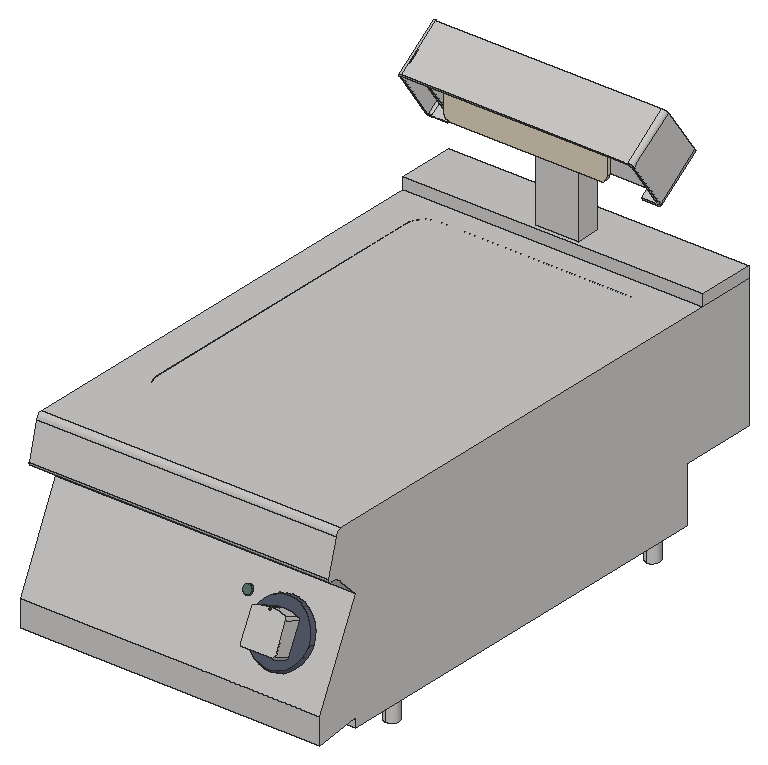
Revit family "QF_ZANUSSI_372086_Z7CSPDC000", category Specialty Equipment, Revit 2018
Family settings
  Round Connector Dimension = Use Diameter
  Part Type = Normal
  Work Plane-Based = No
  Always vertical = Yes
  Cut with Voids When Loaded = No
  Shared = No
  Room Calculation Point = No
Parameters
  Width = 400 mm  # constant formula
  Weight in Pounds = 44  # constant formula
  Weight = 0.00 kg
  Watts = 1000 W  # constant formula
  Volts = 230 V  # constant formula
  URL Manufacturer = "http://www.zanussiprofessional.com"
  URL Cutsheet = "www.electrolux.com"
  URL = "http://www.zanussiprofessional.com"
  Type Mark [instance] = ""
  Steam Supply Size = 0"
  Steam Supply Minimum Pressure = 0.00 psi
  Steam Supply Maximum Pressure = 0.00 psi
  Steam Pounds per Hour = 0
  Status [instance] = ""
  Specification by User [instance] = ""
  Specification by Manufacturer = ""
  Show Logo [instance] = yes
  Show Clearance [instance] = yes
  Serial Number = ""
  Seismic Rating = ""
  SMACNA No = ""
  Revision Code [instance] = ""
  Refrigeration Suction Line Size = 0"
  Refrigeration Liquid Line Size = 0"
  Refrigerant Compressor Remote = yes
  Phase = 1
  Omniclass Number and Title = ""
  Number of Poles [instance] = 1
  NAFEM Spec ID Number = ""
  Model = "Z7CSPDC000"
  Min Ckt Ampacity = 0 A
  Max Overcurrent Protection = 0 A
  Masterspec = ""
  Manufacturer = "Zanussi"
  Length Actual = 400 mm  # constant formula
  Item Number [instance] = "372086"
  Installed By [instance] = ""
  Identify Quantity as Lot [instance] = yes
  Hot Water Size = 0"
  Height Actual = 250 mm  # constant formula
  Height = 290 mm  # constant formula
  HP = "1.3 HP"
  Gas Size = 0"
  Gas KW = 0
  Gas Input Pressure = 0.0 Btu/h
  Furnished By [instance] = ""
  Foodservice Equipment Identifier [instance] = yes
  FL Amps = if(Phase = 3, Watts / (Volts * 1.73), Watts / Volts)  # 4.34783 A
  Electrical Remarks [instance] = "230 V/1N ph/50/60 Hz"  # constant formula
  Electric Connection Type [instance] = ""
  Elec Conn RI Height [instance] = 0 mm
  Elec Conn Connection Height [instance] = 0 mm
  Direct Waste Size = 0"
  Description = "ELECTRIC CHIP SCUTTLE 400 MM"
  Depth Actual = 700 mm  # constant formula
  Depth = 715 mm  # constant formula
  Cycle [instance] = if([60 Hertz Option], 60 Hz, 50 Hz)  # 60 Hz
  Conn Plug = ""
  Conn Conduit = yes
  Condensate Return Size = 0"
  Compressed Air Volume = 0 GPM
  Compressed Air Size = 0"
  Compressed Air Pressure = 0.00 psi
  Cold Water Size = 0"
  CSI MasterFormat = ""
  CSI Master Format = ""
  Base Height = 25 mm
  Assembly Code = ""
  Apparent Power = if(Phase = 3, Volts * FL Amps * 1.73, Volts * FL Amps)  # 1000 VA
  Accessory = yes
  60 Hertz Option [instance] = not([50 Hertz Option])  # yes
  50 Hertz Option [instance] = no
Reference planes
  plane 1 "BACK": y = 0
  plane 2: z = 0
  plane 3 "LEFT": x = 0
  plane 4 "RIGHT": x = 400
  plane 5 "FRONT": y = -715
  plane 6 "TOP": z = 275
  plane 7 "Center Y": x = 200
  plane 8 "Center X": y = -357.5
  plane 9: z = 25
  plane 10: z = 290
  plane 11: z = 497
Forms (mm)
  Extrusion 1, solid, material "QF_Finishes_Stainless Steel"
    sketch origin (0, 0, 0) x (0, 1, 0) y (0, 0, 1)
      loop
        line (0, 99) -> (0, 275) -> (-679.358, 275)
        arc (-679.358, 275) -> (-684.643, 272.811) -> (-686.833, 267.526) r 7.474
        line (-686.833, 267.526) -> (-699.884, 222.011)
        arc (-699.884, 222.011) -> (-699.396, 219.379) -> (-697, 218.184) r 3
        line (-697, 218.184) -> (-686.802, 218.184) -> (-654.982, 186.364) -> (-715, 65.508) -> (-715, 30.508) -> (-658.645, 38.428)
        arc (-658.645, 38.428) -> (-656.101, 37.674) -> (-655, 35.259) r 3.2
        line (-655, 35.259) -> (-655, 25) -> (-103, 25) -> (-103, 99) -> (0, 99)
    from 0 to 400
  Extrusion 2, solid, material "QF_Finishes_Stainless Steel"
    sketch origin (0, 0, 0) x (1, 0, 0) y (0, 1, 0)
      loop
        circle (11.112, -146) r 9.525
      loop
        circle (388.888, -146) r 9.525
      loop
        circle (11.112, -580.75) r 9.525
      loop
        circle (388.888, -580.75) r 9.525
    from 0 to 23.812
  Extrusion 3, solid, material "QF_Finishes_Stainless Steel"
    sketch origin (0, 0, 0) x (0, 1, 0) y (0, 0, 1)
      loop
        line (0, 275) -> (0, 290) -> (-76.2, 290) -> (-76.2, 275) -> (0, 275)
    from 0 to 400
  Extrusion 4, solid, material "QF_Finishes_Stainless Steel"
    sketch origin (0, -103.188, 25) x (0, 0, 1) y (1, 0, 0)
      loop
        circle (37, 200) r 3.175
    from 0 to 1.6
  Extrusion 5, solid, material "QF_Finishes_Clearance", visible <- "Show Clearance", detail levels coarse
    sketch origin (0, 0, 0) x (1, 0, 0) y (0, 1, 0)
      loop
        line (0, -715) -> (0, 0) -> (400, 0) -> (400, -715) -> (550, -715) -> (550, 150) -> (-150, 150) -> (-150, -715) -> (0, -715)
    from 0 to 290
  Extrusion 6, solid, material "QF_Finishes_Stainless Steel"
    sketch origin (0, 0, 0) x (0, 1, 0) y (0, 0, 1)
      loop
        line (-38.1, 290) -> (-38.1, 420) -> (-69.19, 398.23) -> (-69.19, 290) -> (-38.1, 290)
    from 171.287 to 228.713
  Extrusion 7, solid, material "QF_Finishes_Stainless Steel"
    sketch origin (0, 207.687, -131.446) x (1, 0, 0) y (0, -0.573576, 0.819152)
      loop
        line (49.422, 592.696) -> (70, 592.696) -> (70, 595.896) -> (49.422, 595.896)
        arc (49.422, 595.896) -> (47.442, 596.716) -> (46.622, 598.696) r 2.8
        line (46.622, 598.696) -> (46.622, 675.455)
        arc (46.622, 675.455) -> (47.442, 677.435) -> (49.422, 678.255) r 2.8
        line (49.422, 678.255) -> (350.922, 678.255)
        arc (350.922, 678.255) -> (352.902, 677.435) -> (353.722, 675.455) r 2.8
        line (353.722, 675.455) -> (353.722, 598.696)
        arc (353.722, 598.696) -> (352.902, 596.716) -> (350.922, 595.896) r 2.8
        line (350.922, 595.896) -> (330, 595.896) -> (330, 592.696) -> (350.922, 592.696)
        arc (350.922, 592.696) -> (355.165, 594.453) -> (356.922, 598.696) r 6
        line (356.922, 598.696) -> (356.922, 675.455)
        arc (356.922, 675.455) -> (355.165, 679.698) -> (350.922, 681.455) r 6
        line (350.922, 681.455) -> (49.422, 681.455)
        arc (49.422, 681.455) -> (45.18, 679.698) -> (43.422, 675.455) r 6
        line (43.422, 675.455) -> (43.422, 598.696)
        arc (43.422, 598.696) -> (45.18, 594.453) -> (49.422, 592.696) r 6
    from -122.733 to -52.733
  Extrusion 8, solid, material "QF_Finishes_Stainless Steel"
    sketch origin (0, 207.687, -131.446) x (1, 0, 0) y (0, -0.573576, 0.819152)
      loop
        arc (353.722, 675.455) -> (352.902, 677.435) -> (350.922, 678.255) r 2.8
        line (350.922, 678.255) -> (49.422, 678.255)
        arc (49.422, 678.255) -> (47.442, 677.435) -> (46.622, 675.455) r 2.8
        line (46.622, 675.455) -> (46.622, 598.696)
        arc (46.622, 598.696) -> (47.442, 596.716) -> (49.422, 595.896) r 2.8
        line (49.422, 595.896) -> (350.922, 595.896)
        arc (350.922, 595.896) -> (352.902, 596.716) -> (353.722, 598.696) r 2.8
        line (353.722, 598.696) -> (353.722, 675.455)
    from -122.733 to -86.366
  Extrusion 9, solid, material "QF_Finishes_Stainless Steel"
    sketch origin (0, 207.687, -131.446) x (0, 0.819152, 0.573576) y (0, -0.573576, 0.819152)
      loop
        line (64.196, 600.535) -> (67.021, 599.033) -> (85.562, 633.903) -> (82.975, 635.853) -> (64.196, 600.535)
      loop
        line (69.646, 647.915) -> (72.471, 646.413) -> (86.232, 672.294) -> (83.645, 674.243) -> (69.646, 647.915)
    from 61.746 to 338.254
  Extrusion 10, solid, material "QF_Finishes_Stainless Steel"
    sketch origin (0, 207.687, -131.446) x (1, 0, 0) y (0, -0.573576, 0.819152)
      loop
        line (59.871, 678.255) -> (56.696, 678.255) -> (56.696, 595.896) -> (59.871, 595.896) -> (59.871, 678.255)
      loop
        line (340.129, 678.255) -> (340.129, 595.896) -> (343.304, 595.896) -> (343.304, 678.255) -> (340.129, 678.255)
    from -86.366 to -65.849
  Extrusion 11, solid, material "QF_Finishes_Almond"
    sketch origin (0, -118.332, -209.985) x (1, 0, 0) y (0, 0, 1)
      loop
        line (90.908, 678.255) -> (90.908, 629.664)
        arc (90.908, 629.664) -> (93.837, 622.593) -> (100.908, 619.664) r 10
        line (100.908, 619.664) -> (299.092, 619.664)
        arc (299.092, 619.664) -> (306.163, 622.593) -> (309.092, 629.664) r 10
        line (309.092, 629.664) -> (309.092, 678.255) -> (90.908, 678.255)
    from 0 to 3.2
  Extrusion 12, void
    sketch origin (0, 0, 0) x (1, 0, 0) y (0, 1, 0)
      loop
        line (328.172, -106.2) -> (72.172, -106.2)
        arc (72.172, -106.2) -> (54.495, -113.522) -> (47.172, -131.2) r 25
        line (47.172, -131.2) -> (47.172, -545.95)
        arc (47.172, -545.95) -> (54.495, -563.628) -> (72.172, -570.95) r 25
        line (72.172, -570.95) -> (328.172, -570.95)
        arc (328.172, -570.95) -> (345.85, -563.628) -> (353.172, -545.95) r 25
        line (353.172, -545.95) -> (353.172, -131.2)
        arc (353.172, -131.2) -> (345.85, -113.522) -> (328.172, -106.2) r 25
    from 174.637 to 274.637
  Extrusion 13, solid, material "QF_Finishes_Stainless Steel"
    sketch origin (0, 0, 0) x (1, 0, 0) y (0, 1, 0)
      loop
        line (72.172, -570.95) -> (328.172, -570.95)
        arc (328.172, -570.95) -> (345.85, -563.628) -> (353.172, -545.95) r 25
        line (353.172, -545.95) -> (353.172, -131.2)
        arc (353.172, -131.2) -> (345.85, -113.522) -> (328.172, -106.2) r 25
        line (328.172, -106.2) -> (72.172, -106.2)
        arc (72.172, -106.2) -> (54.495, -113.522) -> (47.172, -131.2) r 25
        line (47.172, -131.2) -> (47.172, -545.95)
        arc (47.172, -545.95) -> (54.495, -563.628) -> (72.172, -570.95) r 25
      loop
        arc (328.172, -567.75) -> (343.587, -561.365) -> (349.972, -545.95) r 21.8
        line (349.972, -545.95) -> (349.972, -131.2)
        arc (349.972, -131.2) -> (343.587, -115.785) -> (328.172, -109.4) r 21.8
        line (328.172, -109.4) -> (72.172, -109.4)
        arc (72.172, -109.4) -> (56.757, -115.785) -> (50.372, -131.2) r 21.8
        line (50.372, -131.2) -> (50.372, -545.95)
        arc (50.372, -545.95) -> (56.757, -561.365) -> (72.172, -567.75) r 21.8
        line (72.172, -567.75) -> (328.172, -567.75)
    from 174.637 to 264.637
  Extrusion 14, solid, material "QF_Finishes_Stainless Steel"
    sketch origin (0, 0, 0) x (0, 1, 0) y (0, 0, 1)
      loop
        line (-73.082, 483.512) -> (-67.28, 475.226) -> (-65.422, 477.084) -> (-73.082, 483.512)
      loop
        line (-57.188, 460.812) -> (-51.386, 452.526) -> (-49.527, 454.385) -> (-57.188, 460.812)
    from 90.908 to 152.58
  Extrusion 15, solid, material "QF_Finishes_Stainless Steel"
    sketch origin (78.256, 0, 0) x (0, 1, 0) y (0, 0, 1)
      loop
        line (-73.082, 483.512) -> (-67.28, 475.226) -> (-65.422, 477.084) -> (-73.082, 483.512)
      loop
        line (-57.188, 460.812) -> (-51.386, 452.526) -> (-49.527, 454.385) -> (-57.188, 460.812)
    from 90.908 to 152.58
  Extrusion 16, solid, material "QF_Finishes_Stainless Steel"
    sketch origin (156.512, 0, 0) x (0, 1, 0) y (0, 0, 1)
      loop
        line (-73.082, 483.512) -> (-67.28, 475.226) -> (-65.422, 477.084) -> (-73.082, 483.512)
      loop
        line (-57.188, 460.812) -> (-51.386, 452.526) -> (-49.527, 454.385) -> (-57.188, 460.812)
    from 90.908 to 152.58
  Blend 17, solid, material "QF_Finishes_Navy Blue"
    base sketch origin (325, -684.991, 125.936) x (1, 0, 0) y (0, 0.444781, 0.895639)
      loop
        circle (0, 0) r 42.5
    top sketch origin (325, -684.991, 125.936) x (1, 0, 0) y (0, 0.444781, 0.895639)
      loop
        circle (0, 0) r 40.5
    from 0 to 5
  Extrusion 18, solid, material "QF_Finishes_Stainless Steel"
    sketch origin (325, -684.991, 125.936) x (1, 0, 0) y (0, 0.444781, 0.895639)
      loop
        arc (-21.147, 22.789) -> (-22.494, 21.685) -> (-23, 20.019) r 2.997
        line (-23, 20.019) -> (-23, -20.019)
        arc (-23, -20.019) -> (-22.122, -22.138) -> (-20.003, -23.016) r 2.997
        line (-20.003, -23.016) -> (20.003, -23.016)
        arc (20.003, -23.016) -> (22.122, -22.138) -> (23, -20.019) r 2.997
        line (23, -20.019) -> (23, 20.019)
        arc (23, 20.019) -> (22.494, 21.685) -> (21.147, 22.789) r 2.997
        arc (21.147, 22.789) -> (0, 26.984) -> (-21.147, 22.789) r 55.4
    from 10 to 34
  Extrusion 19, solid, material "QF_Plastic-Black-Matte"
    sketch origin (405, -684.991, 125.936) x (0, 0.444781, 0.895639) y (0, -0.895639, 0.444781)
      loop
        line (26.984, 34) -> (26.984, 19) -> (27.984, 19) -> (27.984, 34)
        arc (27.984, 34) -> (27.691, 34.707) -> (26.984, 35) r 1
        line (26.984, 35) -> (23.984, 35) -> (23.984, 34) -> (26.984, 34)
    from -81 to -79
  Extrusion 20, solid, material "QF_Finishes_Stainless Steel"
    sketch origin (325, -684.991, 125.936) x (1, 0, 0) y (0, 0.444781, 0.895639)
      loop
        line (17.5, 17.5) -> (-17.5, 17.5) -> (-17.5, -17.5) -> (17.5, -17.5) -> (17.5, 17.5)
    from 5 to 10
  Extrusion 21, solid, material "QF_Finishes_DarkGreen"
    sketch origin (325, -671.648, 152.805) x (1, 0, 0) y (0, 0.444781, 0.895639)
      loop
        circle (-55.001, 0) r 6
    from 0 to 1.6
Cuts and joins
  Extrusion 12 cuts Extrusion 1
  Extrusion 12 cuts Extrusion 2
  Extrusion 12 cuts Extrusion 5
  joined: Extrusion 7, Extrusion 8
Lines and regions (mm)
  Split face 1
    outline origin (324.664, -689.244, 128.614) x (1, 0, 0) y (0, 0.444781, 0.895639)
      loop
        circle (-34, 0) r 1.5
  Split face 2
    outline origin (332.566, -689.848, 127.397) x (1, 0, 0) y (0, 0.444781, 0.895639)
      loop
        circle (-7.566, -33.148) r 1.5
  Split face 3
    outline origin (328.5, -682.712, 141.767) x (1, 0, 0) y (0, 0.444781, 0.895639)
      loop
        circle (30.633, -14.752) r 1.5
  Split face 4
    outline origin (325, -689.469, 128.16) x (1, 0, 0) y (0, 0.444781, 0.895639)
      loop
        circle (0, 33.561) r 1.5
  symbolic lines
    curve 1: line (0, 0, 0) -> (0, -715, 0)
    curve 2: line (400, 0, 0) -> (0, 0, 0)
    curve 3: line (400, -715, 0) -> (400, 0, 0)
    curve 4: line (0, -76.2, 0) -> (43.422, -76.2, 0)
    curve 8: line (47.172, -139.733, 0) -> (47.172, -545.95, 0)
    curve 9: arc (47.172, -545.95, 0) -> (54.495, -563.628, 0) -> (72.172, -570.95, 0) r 25
    curve 10: line (72.172, -570.95, 0) -> (328.172, -570.95, 0)
    curve 11: arc (328.172, -570.95, 0) -> (345.85, -563.628, 0) -> (353.172, -545.95, 0) r 25
    curve 12: line (353.172, -545.95, 0) -> (353.172, -139.733, 0)
    curve 13: line (350.922, -139.984, 0) -> (49.422, -139.984, 0)
    curve 14: line (356.922, -136.542, 0) -> (356.922, -35.174, 0)
    curve 15: spline (356.922, -136.542, 0) -> (356.871, -136.991, 0) -> (356.718, -137.433, 0) -> (356.466, -137.859, 0) -> (356.118, -138.263, 0) -> (355.682, -138.637, 0) -> (355.165, -138.976, 0) -> (354.575, -139.273, 0) -> (353.922, -139.523, 0) -> (353.218, -139.722, 0) -> (352.475, -139.866, 0) -> (351.705, -139.954, 0) -> (350.922, -139.984, 0)
    curve 16: spline (49.422, -139.984, 0) -> (48.639, -139.954, 0) -> (47.869, -139.866, 0) -> (47.126, -139.722, 0) -> (46.422, -139.523, 0) -> (45.77, -139.273, 0) -> (45.18, -138.976, 0) -> (44.662, -138.637, 0) -> (44.226, -138.263, 0) -> (43.879, -137.859, 0) -> (43.627, -137.433, 0) -> (43.474, -136.991, 0) -> (43.422, -136.542, 0)
    curve 17: line (43.422, -35.174, 0) -> (43.422, -136.542, 0)
    curve 18: line (70, -31.733, 0) -> (49.422, -31.733, 0)
    curve 19: spline (49.422, -31.733, 0) -> (48.639, -31.762, 0) -> (47.869, -31.85, 0) -> (47.126, -31.995, 0) -> (46.422, -32.194, 0) -> (45.77, -32.444, 0) -> (45.18, -32.741, 0) -> (44.662, -33.079, 0) -> (44.226, -33.453, 0) -> (43.879, -33.857, 0) -> (43.627, -34.283, 0) -> (43.474, -34.725, 0) -> (43.422, -35.174, 0)
    curve 20: line (330, -33.568, 0) -> (70, -33.568, 0)
    curve 21: line (70, -33.568, 0) -> (70, -31.733, 0)
    curve 22: line (330, -31.733, 0) -> (330, -33.568, 0)
    curve 23: line (350.922, -31.733, 0) -> (330, -31.733, 0)
    curve 24: spline (356.922, -35.174, 0) -> (356.871, -34.725, 0) -> (356.718, -34.283, 0) -> (356.466, -33.857, 0) -> (356.118, -33.453, 0) -> (355.682, -33.079, 0) -> (355.165, -32.741, 0) -> (354.575, -32.444, 0) -> (353.922, -32.194, 0) -> (353.218, -31.995, 0) -> (352.475, -31.85, 0) -> (351.705, -31.762, 0) -> (350.922, -31.733, 0)
    curve 25: spline (43.422, -79.202, 0) -> (43.474, -79.651, 0) -> (43.627, -80.092, 0) -> (43.879, -80.519, 0) -> (44.226, -80.922, 0) -> (44.662, -81.297, 0) -> (45.18, -81.635, 0) -> (45.77, -81.932, 0) -> (46.422, -82.182, 0) -> (47.126, -82.381, 0) -> (47.869, -82.526, 0) -> (48.639, -82.614, 0) -> (49.422, -82.643, 0)
    curve 26: line (49.422, -82.643, 0) -> (350.922, -82.643, 0)
    curve 27: spline (350.922, -82.643, 0) -> (351.705, -82.614, 0) -> (352.475, -82.526, 0) -> (353.218, -82.381, 0) -> (353.922, -82.182, 0) -> (354.575, -81.932, 0) -> (355.165, -81.635, 0) -> (355.682, -81.297, 0) -> (356.118, -80.922, 0) -> (356.466, -80.519, 0) -> (356.718, -80.092, 0) -> (356.871, -79.651, 0) -> (356.922, -79.202, 0)
    curve 28: line (309.092, -49.527, 0) -> (247.42, -49.527, 0)
    curve 29: line (247.42, -57.188, 0) -> (309.092, -57.188, 0)
    curve 30: line (309.092, -73.082, 0) -> (309.092, -65.422, 0)
    curve 31: line (247.42, -49.527, 0) -> (247.42, -57.188, 0)
    curve 32: line (230.836, -73.082, 0) -> (230.836, -65.422, 0)
    curve 33: line (169.164, -49.527, 0) -> (169.164, -57.188, 0)
    curve 34: line (230.836, -49.527, 0) -> (169.164, -49.527, 0)
    curve 35: line (169.164, -57.188, 0) -> (230.836, -57.188, 0)
    curve 36: line (230.836, -65.422, 0) -> (169.164, -65.422, 0)
    curve 37: line (169.164, -73.082, 0) -> (230.836, -73.082, 0)
    curve 38: line (90.908, -73.082, 0) -> (152.58, -73.082, 0)
    curve 39: line (152.58, -65.422, 0) -> (90.908, -65.422, 0)
    curve 40: line (90.908, -57.188, 0) -> (152.58, -57.188, 0)
    curve 41: line (152.58, -49.527, 0) -> (90.908, -49.527, 0)
    curve 42: line (90.908, -49.527, 0) -> (90.908, -57.188, 0)
    curve 43: line (152.58, -73.082, 0) -> (152.58, -65.422, 0)
    curve 44: line (90.908, -65.422, 0) -> (90.908, -73.082, 0)
    curve 45: line (169.164, -65.422, 0) -> (169.164, -73.082, 0)
    curve 46: line (230.836, -57.188, 0) -> (230.836, -49.527, 0)
    curve 47: line (247.42, -65.422, 0) -> (247.42, -73.082, 0)
    curve 48: line (309.092, -57.188, 0) -> (309.092, -49.527, 0)
    curve 49: line (309.092, -65.422, 0) -> (247.42, -65.422, 0)
    curve 50: line (247.42, -73.082, 0) -> (309.092, -73.082, 0)
    curve 51: line (152.58, -57.188, 0) -> (152.58, -49.527, 0)
    curve 52: line (356.922, -76.2, 0) -> (400, -76.2, 0)
    curve 53: line (56.672, -139.733, 0) -> (56.672, -545.95, 0)
    curve 54: arc (56.672, -545.95, 0) -> (61.212, -556.91, 0) -> (72.172, -561.45, 0) r 15.5
    curve 55: line (72.172, -561.45, 0) -> (328.172, -561.45, 0)
    curve 56: arc (328.172, -561.45, 0) -> (339.132, -556.91, 0) -> (343.672, -545.95, 0) r 15.5
    curve 57: line (343.672, -545.95, 0) -> (343.672, -139.733, 0)
    curve 58: line (328.172, -561.45, 0) -> (328.172, -570.95, 0)
    curve 59: line (343.672, -545.95, 0) -> (353.172, -545.95, 0)
    curve 60: line (72.172, -561.45, 0) -> (72.172, -570.95, 0)
    curve 61: line (56.672, -545.95, 0) -> (47.172, -545.95, 0)
    curve 62: line (0, -700, 0) -> (400.05, -700, 0)
    curve 63: line (302, -700, 0) -> (302, -724.347, 0)
    curve 64: arc (302, -724.347, 0) -> (302.146, -724.811, 0) -> (302.532, -725.107, 0) r 0.809
    curve 65: arc (302.532, -725.107, 0) -> (303.72, -725.587, 0) -> (304.997, -725.68, 0) r 4.127
    curve 66: arc (302, -704.292, 0) -> (296.959, -702.458, 0) -> (292.191, -700, 0) r 42.24
    curve 67: arc (302, -706.539, 0) -> (302.502, -705.818, 0) -> (303.299, -705.448, 0) r 1.682
    curve 68: arc (303.299, -705.448, 0) -> (313.602, -703.95, 0) -> (324, -703.441, 0) r 109.079
    curve 69: line (324, -700, 0) -> (324, -705.671, 0)
    curve 70: line (324, -705.671, 0) -> (326, -705.671, 0)
    curve 71: line (326, -705.671, 0) -> (326, -700, 0)
    curve 72: line (348, -700, 0) -> (348, -724.347, 0)
    curve 73: arc (348, -724.347, 0) -> (347.854, -724.811, 0) -> (347.468, -725.107, 0) r 0.809
    curve 74: arc (347.468, -725.107, 0) -> (346.28, -725.587, 0) -> (345.003, -725.68, 0) r 4.127
    curve 75: arc (348, -704.292, 0) -> (353.041, -702.458, 0) -> (357.809, -700, 0) r 42.24
    curve 76: arc (348, -706.539, 0) -> (347.498, -705.818, 0) -> (346.701, -705.448, 0) r 1.682
    curve 77: arc (346.701, -705.448, 0) -> (336.398, -703.95, 0) -> (326, -703.441, 0) r 109.079
    curve 78: line (304.997, -725.68, 0) -> (345.003, -725.68, 0)
    curve 79: line (348, -715, 0) -> (400.05, -715, 0)
    curve 80: line (0, -715, 0) -> (302, -715, 0)
  symbolic lines, style "QF-Clearances", visible <- "Show Clearance", detail levels coarse
    curve 5: line (550, -715, 0) -> (550, 150, 0)
    curve 6: line (550, 150, 0) -> (-150, 150, 0)
    curve 7: line (-150, 150, 0) -> (-150, -715, 0)
Dimensions and locks
  equal spacing: plane 3 "LEFT", plane 7 "Center Y", plane 4 "RIGHT"
  "Width": plane 3 "LEFT" to plane 4 "RIGHT"
  equal spacing: plane 5 "FRONT", plane 8 "Center X", plane 1 "BACK"
  "Depth": plane 5 "FRONT" to plane 1 "BACK"
  "Height": plane 10 to level
  "Base Height": plane 9 to level
  plane 11 to level = 497 mm
  plane 6 "TOP" to plane 9 to level = 250 mm, 25 mm
  cut or joined group of Extrusion 1, Extrusion 12 to plane 9 = 74 mm
  aligned and locked: level to plane 2
  aligned and locked: plane 4 "RIGHT" to Extrusion 1
  aligned and locked: plane 4 "RIGHT" to Extrusion 3
Automatic sketch dimensions
  Extrusion 3 sketch curve to plane 6 "TOP" = 0 mm
  Extrusion 3 sketch curve to plane 10 = 0 mm
  Extrusion 3 sketch curve to plane 1 "BACK" = 0 mm
  Extrusion 6 sketch curve to plane 10 = 0 mm
  Extrusion 6 sketch curve to Extrusion 6 sketch curve = 31.09 mm
  Extrusion 6 sketch curve to plane 11 = 98.77 mm
  Extrusion 6 sketch curve to Extrusion 6 sketch curve = 21.77 mm
  Extrusion 9 sketch curve to plane 11 = 99.695 mm
  Extrusion 9 sketch curve to Extrusion 9 sketch curve = 2.825 mm  (x2)
  Extrusion 9 sketch curve to Extrusion 9 sketch curve = 5.45 mm
  Extrusion 9 sketch curve to Extrusion 9 sketch curve = 10.503 mm
  Extrusion 9 sketch curve to Extrusion 9 sketch curve = 13.999 mm
  Extrusion 9 sketch curve to Extrusion 9 sketch curve = 2.587 mm  (x2)
  Extrusion 9 sketch curve to Extrusion 9 sketch curve = 1.502 mm  (x2)
  Extrusion 9 sketch curve to Extrusion 9 sketch curve = 10.56 mm
  Extrusion 11 sketch curve to Extrusion 11 sketch curve = 10 mm  (x2)
  Extrusion 11 sketch curve to plane 11 = 87.321 mm
  Extrusion 11 sketch curve to plane 11 = 28.73 mm
  Extrusion 14 sketch curve to plane 11 = 13.488 mm
  Extrusion 14 sketch curve to Extrusion 14 sketch curve = 5.802 mm  (x2)
  Extrusion 14 sketch curve to plane 11 = 19.916 mm
  Extrusion 14 sketch curve to Extrusion 14 sketch curve = 1.858 mm  (x4)
  Extrusion 14 sketch curve to Extrusion 14 sketch curve = 10.092 mm
  Extrusion 14 sketch curve to Extrusion 14 sketch curve = 14.414 mm
  Extrusion 14 sketch curve to Extrusion 14 sketch curve = 6.428 mm
  Extrusion 15 sketch curve to plane 11 = 13.488 mm
  Extrusion 15 sketch curve to Extrusion 15 sketch curve = 5.802 mm  (x2)
  Extrusion 15 sketch curve to plane 11 = 19.916 mm
  Extrusion 15 sketch curve to Extrusion 15 sketch curve = 1.858 mm  (x4)
  Extrusion 15 sketch curve to Extrusion 15 sketch curve = 10.092 mm
  Extrusion 15 sketch curve to Extrusion 15 sketch curve = 14.414 mm
  Extrusion 15 sketch curve to Extrusion 15 sketch curve = 6.428 mm
  Extrusion 16 sketch curve to plane 11 = 13.488 mm
  Extrusion 16 sketch curve to Extrusion 16 sketch curve = 5.802 mm  (x2)
  Extrusion 16 sketch curve to plane 11 = 19.916 mm
  Extrusion 16 sketch curve to Extrusion 16 sketch curve = 1.858 mm  (x4)
  Extrusion 16 sketch curve to Extrusion 16 sketch curve = 10.092 mm
  Extrusion 16 sketch curve to Extrusion 16 sketch curve = 14.414 mm
  Extrusion 16 sketch curve to Extrusion 16 sketch curve = 6.428 mm
  Extrusion 11 sketch curve to plane 7 "Center Y" = 99.092 mm
  plane 7 "Center Y" to Extrusion 11 sketch curve = 99.092 mm
  plane 1 "BACK" to Extrusion 3 sketch curve = 76.2 mm
  plane 1 "BACK" to Extrusion 6 sketch curve = 69.19 mm
  plane 1 "BACK" to Extrusion 9 sketch curve = 84.18 mm
  plane 1 "BACK" to Extrusion 14 sketch curve = 73.082 mm
  plane 1 "BACK" to Extrusion 15 sketch curve = 73.082 mm
  plane 1 "BACK" to Extrusion 16 sketch curve = 73.082 mm
  Extrusion 2 sketch curve to Extrusion 2 sketch curve = 0 mm  (x8)
  plane 3 "LEFT" to Extrusion 2 sketch curve = 11.112 mm  (x2)
  Extrusion 2 sketch curve to plane 4 "RIGHT" = 11.112 mm  (x2)
  Extrusion 2 sketch curve to plane 5 "FRONT" = 124.725 mm  (x2)
  Extrusion 2 sketch curve to Extrusion 2 sketch curve = 9.525 mm  (x4)
  plane 1 "BACK" to Extrusion 2 sketch curve = 155.525 mm  (x2)
  plane 5 "FRONT" to Extrusion 5 sketch curve = 0 mm  (x2)
  Extrusion 5 sketch curve to plane 3 "LEFT" = 0 mm
  Extrusion 5 sketch curve to plane 4 "RIGHT" = 0 mm
  plane 1 "BACK" to Extrusion 5 sketch curve = 0 mm
  Extrusion 5 sketch curve to plane 3 "LEFT" = 150 mm
  plane 4 "RIGHT" to Extrusion 5 sketch curve = 150 mm
  Extrusion 5 sketch curve to plane 1 "BACK" = 150 mm
  Extrusion 7 sketch curve to Extrusion 7 sketch curve = 0 mm  (x9)
  plane 3 "LEFT" to Extrusion 7 sketch curve = 43.422 mm
  Extrusion 7 sketch curve to Extrusion 7 sketch curve = 3.2 mm
  Extrusion 7 sketch curve to Extrusion 7 sketch curve = 2.8 mm  (x3)
  Extrusion 7 sketch curve to Extrusion 7 sketch curve = 20.578 mm
  Extrusion 7 sketch curve to plane 4 "RIGHT" = 70 mm
  Extrusion 7 sketch curve to Extrusion 7 sketch curve = 20.922 mm
  Extrusion 7 sketch curve to plane 4 "RIGHT" = 49.078 mm
  Extrusion 7 sketch curve to Extrusion 7 sketch curve = 76.76 mm
  plane 3 "LEFT" to Extrusion 8 sketch curve = 46.622 mm
  Extrusion 8 sketch curve to Extrusion 8 sketch curve = 2.8 mm  (x3)
  Extrusion 8 sketch curve to plane 4 "RIGHT" = 49.078 mm  (x2)
  Extrusion 8 sketch curve to Extrusion 8 sketch curve = 76.76 mm
  plane 3 "LEFT" to Extrusion 10 sketch curve = 56.696 mm
  Extrusion 10 sketch curve to Extrusion 10 sketch curve = 3.175 mm  (x2)
  Extrusion 10 sketch curve to plane 4 "RIGHT" = 59.871 mm
  Extrusion 10 sketch curve to Extrusion 10 sketch curve = 0 mm
  Extrusion 10 sketch curve to Extrusion 10 sketch curve = 82.36 mm  (x2)
  plane 3 "LEFT" to Extrusion 12 sketch curve = 47.172 mm
  Extrusion 12 sketch curve to Extrusion 12 sketch curve = 25 mm  (x3)
  Extrusion 12 sketch curve to plane 4 "RIGHT" = 71.828 mm  (x2)
  Extrusion 12 sketch curve to plane 5 "FRONT" = 144.05 mm
  plane 1 "BACK" to Extrusion 12 sketch curve = 131.2 mm
  Extrusion 13 sketch curve to Extrusion 13 sketch curve = 0 mm  (x8)
  plane 3 "LEFT" to Extrusion 13 sketch curve = 47.172 mm
  Extrusion 13 sketch curve to Extrusion 13 sketch curve = 3.2 mm
  Extrusion 13 sketch curve to Extrusion 13 sketch curve = 21.8 mm  (x3)
  Extrusion 13 sketch curve to plane 4 "RIGHT" = 71.828 mm  (x2)
  Extrusion 13 sketch curve to plane 5 "FRONT" = 144.05 mm
  plane 1 "BACK" to Extrusion 13 sketch curve = 131.2 mm
  Extrusion 1 sketch curve to plane 5 "FRONT" = 0 mm
  Extrusion 1 sketch curve to plane 10 = 67.989 mm
  Extrusion 1 sketch curve to plane 5 "FRONT" = 15.116 mm
  Extrusion 1 sketch curve to Extrusion 1 sketch curve = 2.884 mm
  Extrusion 1 sketch curve to Extrusion 1 sketch curve = 13.051 mm
  Extrusion 1 sketch curve to plane 6 "TOP" = 56.816 mm
  Extrusion 1 sketch curve to Extrusion 1 sketch curve = 10.198 mm
  Extrusion 1 sketch curve to Extrusion 1 sketch curve = 7.474 mm
  Extrusion 1 sketch curve to Extrusion 1 sketch curve = 56.355 mm
  Extrusion 1 sketch curve to Extrusion 1 sketch curve = 0.445 mm
  Extrusion 1 sketch curve to Extrusion 1 sketch curve = 3.2 mm
  Extrusion 1 sketch curve to plane 6 "TOP" = 88.636 mm
  Extrusion 1 sketch curve to Extrusion 1 sketch curve = 31.82 mm
  plane 1 "BACK" to Extrusion 1 sketch curve = 103 mm
  Extrusion 1 sketch curve to plane 1 "BACK" = 0 mm
  Extrusion 1 sketch curve to plane 6 "TOP" = 176 mm
  plane 9 to Extrusion 1 sketch curve = 40.508 mm
  Extrusion 1 sketch curve to Extrusion 1 sketch curve = 27.08 mm
  Extrusion 1 sketch curve to Extrusion 1 sketch curve = 35 mm
  plane 9 to Extrusion 1 sketch curve = 0 mm
  Extrusion 1 sketch curve to plane 10 = 22.474 mm
  Extrusion 4 sketch curve to plane 7 "Center Y" = 0 mm
  plane 9 to Extrusion 4 sketch curve = 37 mm
  plane 3 "LEFT" to Blend 17 sketch curve = 325 mm  (x2)
  plane 3 "LEFT" to Extrusion 18 sketch curve = 302 mm
  Extrusion 18 sketch curve to Extrusion 18 sketch curve = 2.997 mm  (x3)
  Extrusion 18 sketch curve to Extrusion 18 sketch curve = 20.003 mm  (x2)
  Extrusion 18 sketch curve to Extrusion 18 sketch curve = 40.005 mm
  Extrusion 18 sketch curve to Extrusion 18 sketch curve = 5.399 mm
  Extrusion 18 sketch curve to Extrusion 18 sketch curve = 40.037 mm
  Extrusion 18 sketch curve to Extrusion 18 sketch curve = 0 mm  (x2)
  Extrusion 19 sketch curve to plane 5 "FRONT" = 9.329 mm
  plane 9 to Extrusion 19 sketch curve = 137.984 mm
  Extrusion 19 sketch curve to Extrusion 19 sketch curve = 3 mm
  Extrusion 19 sketch curve to Extrusion 19 sketch curve = 0 mm  (x2)
  Extrusion 19 sketch curve to Extrusion 19 sketch curve = 1 mm
  Extrusion 19 sketch curve to Extrusion 19 sketch curve = 15 mm
  plane 3 "LEFT" to Extrusion 20 sketch curve = 307.5 mm
  Extrusion 20 sketch curve to Extrusion 20 sketch curve = 35 mm  (x2)
  plane 3 "LEFT" to Extrusion 21 sketch curve = 269.999 mm
  plane 5 "FRONT" to curve 7 = 0 mm
  curve 1 to plane 3 "LEFT" = 0 mm
  plane 1 "BACK" to curve 3 = 0 mm
  curve 3 to plane 4 "RIGHT" = 0 mm
  plane 5 "FRONT" to curve 5 = 0 mm
  curve 6 to plane 3 "LEFT" = 150 mm
  plane 3 "LEFT" to curve 17 = 43.422 mm
  plane 3 "LEFT" to curve 61 = 47.172 mm
  curve 17 to curve 18 = 6 mm
  curve 25 to curve 26 = 6 mm
  curve 8 to curve 13 = 2.25 mm
  curve 8 to curve 53 = 9.5 mm
  curve 19 to curve 21 = 14.578 mm
  curve 53 to curve 54 = 15.5 mm
  curve 20 to curve 41 = 20.908 mm
  curve 44 to curve 40 = 0 mm
  plane 7 "Center Y" to curve 63 = 102 mm
  curve 64 to curve 64 = 0.809 mm
  curve 67 to curve 67 = 1.583 mm
  curve 64 to curve 65 = 1.846 mm
  curve 64 to curve 78 = 2.189 mm
  curve 63 to curve 66 = 11.892 mm
  curve 67 to curve 69 = 20.417 mm
  plane 7 "Center Y" to curve 68 = 124.131 mm
  curve 68 to curve 77 = 1.738 mm
  curve 69 to curve 70 = 2 mm
  curve 41 to plane 7 "Center Y" = 47.42 mm
  curve 43 to curve 40 = 0 mm
  curve 66 to curve 75 = 22.215 mm
  curve 70 to curve 78 = 19.003 mm
  curve 74 to curve 74 = 0.343 mm
  curve 74 to curve 76 = 1.071 mm
  curve 74 to curve 73 = 2.189 mm
  curve 73 to curve 72 = 0.809 mm
  curve 38 to curve 37 = 16.585 mm
  curve 35 to curve 36 = 0 mm
  plane 7 "Center Y" to curve 37 = 30.836 mm
  curve 34 to curve 32 = 0 mm
  curve 32 to curve 50 = 16.585 mm
  curve 28 to curve 47 = 0 mm
  curve 47 to curve 50 = 61.672 mm
  curve 29 to curve 30 = 0 mm
  curve 11 to plane 4 "RIGHT" = 71.828 mm
  curve 28 to curve 22 = 20.908 mm
  curve 56 to curve 59 = 15.5 mm
  curve 22 to curve 23 = 20.922 mm
  curve 13 to curve 12 = 2.25 mm
  curve 30 to curve 26 = 41.83 mm
  curve 12 to curve 14 = 3.75 mm
  plane 4 "RIGHT" to curve 6 = 150 mm
  curve 66 to curve 75 = 0 mm
  curve 71 to curve 75 = 41.91 mm
  curve 67 to curve 69 = 1.435 mm
  curve 76 to curve 70 = 1.435 mm
  curve 65 to curve 67 = 14.462 mm
  curve 64 to curve 65 = 2.779 mm
  curve 72 to curve 74 = 2.779 mm
  curve 78 to curve 64 = 1.333 mm
  curve 77 to curve 78 = 86.839 mm
  curve 68 to curve 77 = 0 mm  (x2)
  curve 10 to plane 5 "FRONT" = 144.05 mm
  plane 1 "BACK" to curve 13 = 139.984 mm
  curve 13 to curve 14 = 3.441 mm
  curve 13 to curve 17 = 3.441 mm
  curve 16 to curve 26 = 53.899 mm
  curve 27 to curve 50 = 9.561 mm
  plane 1 "BACK" to curve 45 = 73.082 mm
  curve 26 to curve 44 = 9.561 mm
  curve 38 to curve 39 = 7.66 mm
  curve 30 to curve 49 = 7.66 mm
  curve 37 to curve 36 = 7.66 mm
  curve 36 to curve 35 = 8.234 mm
  curve 47 to curve 31 = 8.234 mm
  curve 39 to curve 40 = 8.234 mm
  curve 40 to curve 51 = 7.66 mm
  curve 29 to curve 28 = 7.66 mm
  curve 35 to curve 46 = 7.66 mm
  plane 1 "BACK" to curve 17 = 35.174 mm
  plane 1 "BACK" to curve 14 = 35.174 mm
  curve 19 to curve 21 = 1.606 mm
  curve 20 to curve 22 = 1.835 mm
  curve 19 to curve 18 = 3.441 mm
  curve 5 to plane 1 "BACK" = 150 mm
  curve 66 to curve 63 = 9.809 mm
  curve 68 to curve 67 = 0.284 mm
  curve 76 to curve 76 = 0.284 mm
  curve 72 to curve 75 = 9.809 mm
  plane 4 "RIGHT" to curve 62 = 0.05 mm
  plane 4 "RIGHT" to curve 79 = 0.05 mm
  curve 76 to curve 72 = 7.106 mm
  curve 70 to curve 77 = 2.23 mm
  curve 65 to curve 80 = 6.567 mm
  curve 74 to curve 79 = 6.567 mm
  curve 1 to plane 5 "FRONT" = 0 mm
  curve 3 to plane 5 "FRONT" = 0 mm
  curve 15 to curve 57 = 0.251 mm
  curve 53 to curve 16 = 3.19 mm
  curve 25 to curve 25 = 3.441 mm
  curve 27 to curve 27 = 3.441 mm
  curve 27 to curve 52 = 3.002 mm
  curve 25 to curve 4 = 3.002 mm
  radius of Extrusion 4 sketch curve = 3.175 mm
  radius of Blend 17 sketch curve = 42.5 mm
  radius of Blend 17 sketch curve = 40.5 mm
  radius of Split face 1 sketch curve = 1.5 mm
  radius of Split face 2 sketch curve = 1.5 mm
  radius of Split face 3 sketch curve = 1.5 mm
  radius of Split face 4 sketch curve = 1.5 mm
  radius of Extrusion 21 sketch curve = 6 mm
Connectors
  electrical at (200, -101.588, 62), driven by "Volts", driven by "Watts"
    settings: on Extrusion 4, index 1, voltage 230 V, apparent load 1000 VA, apparent load phase1 0 VA, apparent load phase2 0 VA, apparent load phase3 0 VA, power factor 1, load classification "Other", number of poles 1, system type 30, power factor state 1, is connector primary yes, connector utility no, sub classification motor no, connector description "Electrical Connection"
